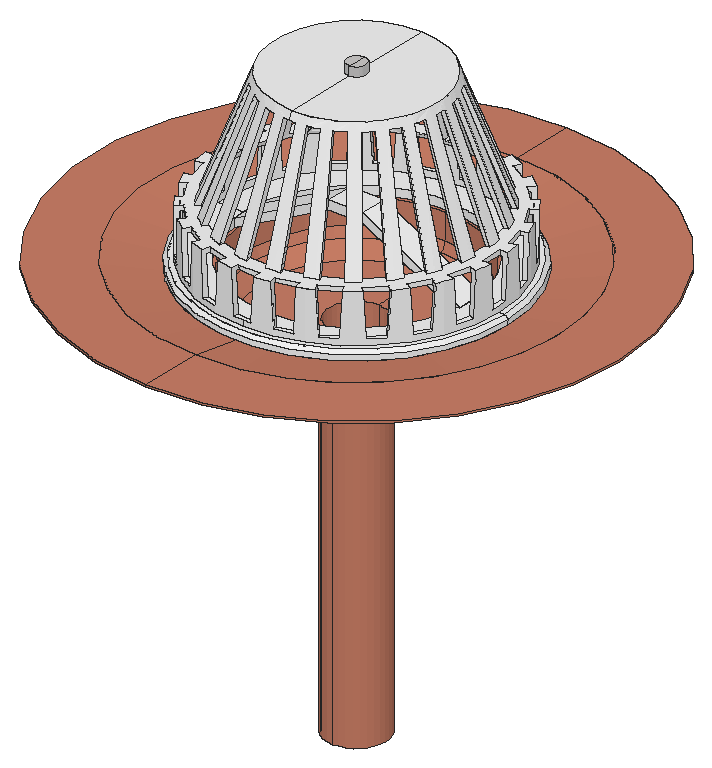
Revit family "Plumbing_Drainage_Menzies-Metal_Clamp-Tite_Copper-Drain_Small-Bowl", category Plumbing Fixtures, host Face, Revit 2015
Parameters (values of type "2"")
  Weight = 4.05 lbf
  URL = "https://www.menzies-metal.com/"
  Product data url = "https://bimobject.com/menzies-metal/product/clamptite-copper-smallbowl"
  Product Material = Metal - Menzies Metal Products - Copper
  Product Guid = "76b443be-9627-40ef-aff5-f8327594387a"
  Pipe Length Note = "Longer pipes available.  Pipes can be field cut to the desired length."  # constant formula
  Pipe Length = 0' - 10 7/8"
  Pipe Diameter = 1 3/4"
  Model = "300-3150"
  Manufacturer = "Menzies Metal Products"  # constant formula
  Edition number = 1
  Drain Flow = 0 GPM
  Description = "Clamp-Tite Spun Copper Drain Small Bowl"  # constant formula
  Default Elevation = 4' - 0"
  Assembly Code = "D2040200"
Types (3): name | Weight | Pipe Diameter | Model
  2" | 4.05 lbf | 1 3/4" | "300-3150"
  3" | 4.95 lbf | 2 3/4" | "300-3155"
  4" | 5.50 lbf | 3 3/4" | "300-3160"
Reference planes (in)
  plane 1 "Center (Front/Back)": y = 0
  plane 2: z = 0
  plane 3 "Center (Left/Right)": x = 0
  plane 4: z = -12.545
  plane 5: y = 0.875
  plane 6: y = -0.875
  plane 7: y = 0.40591
  plane 8: y = -0.40591
  plane 9: z = -1.67
  plane 10: z = 0.05867
Forms (in)
  Revolve 1, solid, material "Metal - Menzies Metal Products - Aluminum", detail levels coarse
    sketch origin (0, 0, 0) x (0, 1, 0) y (0, 0, 1)
      loop
        line (2.40013, 4.98) -> (0, 4.98) -> (0, 0.05387) -> (4.23823, 0.05387) -> (4.23823, 1.48) -> (3.74365, 1.48) -> (2.40013, 4.98)
      axis (0, 4.98) -> (0, 0.05387)
    angle from 0 to 360
  Revolve 2, solid, material "Metal - Menzies Metal Products - Copper" <- "Product Material", detail levels coarse
    sketch origin (0, 0, 0) x (0, 1, 0) y (0, 0, 1)
      loop
        line (7.812, 0.05) -> (0, 0.05) -> (0, -12.545) -> (0.875, -12.545) -> (0.875, -1.67) -> (2.81, -1.67) -> (3.34368, -1.13632) -> (3.34368, -0.25) -> (4.5, -0.25) -> (6, 0) -> (7.812, 0) -> (7.812, 0.05)
      axis (0, 0.05) -> (0, -12.545)
    angle from 0 to 360
  Revolve 3, solid, material "Metal - Menzies Metal Products - Stainless Steel", detail levels medium+fine
    sketch origin (0, 0, 0) x (0, 1, 0) y (0, 0, 1)
      loop
        line (0.27255, 5.23) -> (0, 5.23) -> (0, 0.98) -> (0.11813, 0.98) -> (0.11813, 4.98) -> (0.27255, 4.98) -> (0.27255, 5.23)
      axis (0, 5.23) -> (0, 0.98)
    angle from 0 to 360
  Revolve 4, solid, material "Metal - Menzies Metal Products - Aluminum", detail levels medium+fine
    sketch origin (0, 0, 0) x (0, 1, 0) y (0, 0, 1)
      loop
        line (2.40013, 4.98) -> (0, 4.98) -> (0, 4.855) -> (2.31422, 4.855) -> (3.65774, 1.355) -> (4.11323, 1.355) -> (4.11323, 0.05387) -> (4.23823, 0.05387) -> (4.23823, 1.48) -> (3.74365, 1.48) -> (2.40013, 4.98)
      axis (0, 4.98) -> (0, 0.05387)
    angle from 0 to 360
  Extrusion 5, void
    sketch origin (0, 0, 0) x (-1, 0, 0) y (0, 0, 1)
      loop
        line (0.17396, 4.76) -> (-0.17396, 4.76) -> (-0.2885, 1.48) -> (0.2885, 1.48) -> (0.17396, 4.76)
    from -4.68215 to -1.5
  Extrusion 6, void
    sketch origin (0, 0, 0) x (1, 0, 0) y (0, 0, 1)
      loop
        line (-0.25077, 0.23171) -> (0.25077, 0.23171) -> (0.31619, 1.48) -> (-0.31619, 1.48) -> (-0.25077, 0.23171)
    from 4.0004 to 4.40138
  Extrusion 7, void
    sketch origin (0, 0, 0) x (-0.965926, -0.258819, 0) y (0, 0, 1)
      loop
        line (0.17396, 4.76) -> (-0.17396, 4.76) -> (-0.2885, 1.48) -> (0.2885, 1.48) -> (0.17396, 4.76)
    from -4.68215 to -1.5
  Extrusion 8, void
    sketch origin (0, 0, 0) x (0.965926, 0.258819, 0) y (0, 0, 1)
      loop
        line (-0.25077, 0.23171) -> (0.25077, 0.23171) -> (0.31619, 1.48) -> (-0.31619, 1.48) -> (-0.25077, 0.23171)
    from 4.0004 to 4.40138
  Extrusion 9, void
    sketch origin (0, 0, 0) x (-0.866025, -0.5, 0) y (0, 0, 1)
      loop
        line (0.17396, 4.76) -> (-0.17396, 4.76) -> (-0.2885, 1.48) -> (0.2885, 1.48) -> (0.17396, 4.76)
    from -4.68215 to -1.5
  Extrusion 10, void
    sketch origin (0, 0, 0) x (0.866025, 0.5, 0) y (0, 0, 1)
      loop
        line (-0.25077, 0.23171) -> (0.25077, 0.23171) -> (0.31619, 1.48) -> (-0.31619, 1.48) -> (-0.25077, 0.23171)
    from 4.0004 to 4.40138
  Extrusion 11, void
    sketch origin (0, 0, 0) x (-0.707107, -0.707107, 0) y (0, 0, 1)
      loop
        line (0.17396, 4.76) -> (-0.17396, 4.76) -> (-0.2885, 1.48) -> (0.2885, 1.48) -> (0.17396, 4.76)
    from -4.68215 to -1.5
  Extrusion 12, void
    sketch origin (0, 0, 0) x (0.707107, 0.707107, 0) y (0, 0, 1)
      loop
        line (-0.25077, 0.23171) -> (0.25077, 0.23171) -> (0.31619, 1.48) -> (-0.31619, 1.48) -> (-0.25077, 0.23171)
    from 4.0004 to 4.40138
  Extrusion 13, void
    sketch origin (0, 0, 0) x (-0.5, -0.866025, 0) y (0, 0, 1)
      loop
        line (0.17396, 4.76) -> (-0.17396, 4.76) -> (-0.2885, 1.48) -> (0.2885, 1.48) -> (0.17396, 4.76)
    from -4.68215 to -1.5
  Extrusion 14, void
    sketch origin (0, 0, 0) x (0.5, 0.866025, 0) y (0, 0, 1)
      loop
        line (-0.25077, 0.23171) -> (0.25077, 0.23171) -> (0.31619, 1.48) -> (-0.31619, 1.48) -> (-0.25077, 0.23171)
    from 4.0004 to 4.40138
  Extrusion 15, void
    sketch origin (0, 0, 0) x (-0.258819, -0.965926, 0) y (0, 0, 1)
      loop
        line (0.17396, 4.76) -> (-0.17396, 4.76) -> (-0.2885, 1.48) -> (0.2885, 1.48) -> (0.17396, 4.76)
    from -4.68215 to -1.5
  Extrusion 16, void
    sketch origin (0, 0, 0) x (0.258819, 0.965926, 0) y (0, 0, 1)
      loop
        line (-0.25077, 0.23171) -> (0.25077, 0.23171) -> (0.31619, 1.48) -> (-0.31619, 1.48) -> (-0.25077, 0.23171)
    from 4.0004 to 4.40138
  Extrusion 17, void
    sketch origin (0, 0, 0) x (0, -1, 0) y (0, 0, 1)
      loop
        line (0.17396, 4.76) -> (-0.17396, 4.76) -> (-0.2885, 1.48) -> (0.2885, 1.48) -> (0.17396, 4.76)
    from -4.68215 to -1.5
  Extrusion 18, void
    sketch origin (0, 0, 0) x (0, 1, 0) y (0, 0, 1)
      loop
        line (-0.25077, 0.23171) -> (0.25077, 0.23171) -> (0.31619, 1.48) -> (-0.31619, 1.48) -> (-0.25077, 0.23171)
    from 4.0004 to 4.40138
  Extrusion 19, void
    sketch origin (0, 0, 0) x (0.258819, -0.965926, 0) y (0, 0, 1)
      loop
        line (0.17396, 4.76) -> (-0.17396, 4.76) -> (-0.2885, 1.48) -> (0.2885, 1.48) -> (0.17396, 4.76)
    from -4.68215 to -1.5
  Extrusion 20, void
    sketch origin (0, 0, 0) x (-0.258819, 0.965926, 0) y (0, 0, 1)
      loop
        line (-0.25077, 0.23171) -> (0.25077, 0.23171) -> (0.31619, 1.48) -> (-0.31619, 1.48) -> (-0.25077, 0.23171)
    from 4.0004 to 4.40138
  Extrusion 21, void
    sketch origin (0, 0, 0) x (0.5, -0.866025, 0) y (0, 0, 1)
      loop
        line (0.17396, 4.76) -> (-0.17396, 4.76) -> (-0.2885, 1.48) -> (0.2885, 1.48) -> (0.17396, 4.76)
    from -4.68215 to -1.5
  Extrusion 22, void
    sketch origin (0, 0, 0) x (-0.5, 0.866025, 0) y (0, 0, 1)
      loop
        line (-0.25077, 0.23171) -> (0.25077, 0.23171) -> (0.31619, 1.48) -> (-0.31619, 1.48) -> (-0.25077, 0.23171)
    from 4.0004 to 4.40138
  Extrusion 23, void
    sketch origin (0, 0, 0) x (0.707107, -0.707107, 0) y (0, 0, 1)
      loop
        line (0.17396, 4.76) -> (-0.17396, 4.76) -> (-0.2885, 1.48) -> (0.2885, 1.48) -> (0.17396, 4.76)
    from -4.68215 to -1.5
  Extrusion 24, void
    sketch origin (0, 0, 0) x (-0.707107, 0.707107, 0) y (0, 0, 1)
      loop
        line (-0.25077, 0.23171) -> (0.25077, 0.23171) -> (0.31619, 1.48) -> (-0.31619, 1.48) -> (-0.25077, 0.23171)
    from 4.0004 to 4.40138
  Extrusion 25, void
    sketch origin (0, 0, 0) x (0.866025, -0.5, 0) y (0, 0, 1)
      loop
        line (0.17396, 4.76) -> (-0.17396, 4.76) -> (-0.2885, 1.48) -> (0.2885, 1.48) -> (0.17396, 4.76)
    from -4.68215 to -1.5
  Extrusion 26, void
    sketch origin (0, 0, 0) x (-0.866025, 0.5, 0) y (0, 0, 1)
      loop
        line (-0.25077, 0.23171) -> (0.25077, 0.23171) -> (0.31619, 1.48) -> (-0.31619, 1.48) -> (-0.25077, 0.23171)
    from 4.0004 to 4.40138
  Extrusion 27, void
    sketch origin (0, 0, 0) x (0.965926, -0.258819, 0) y (0, 0, 1)
      loop
        line (0.17396, 4.76) -> (-0.17396, 4.76) -> (-0.2885, 1.48) -> (0.2885, 1.48) -> (0.17396, 4.76)
    from -4.68215 to -1.5
  Extrusion 28, void
    sketch origin (0, 0, 0) x (-0.965926, 0.258819, 0) y (0, 0, 1)
      loop
        line (-0.25077, 0.23171) -> (0.25077, 0.23171) -> (0.31619, 1.48) -> (-0.31619, 1.48) -> (-0.25077, 0.23171)
    from 4.0004 to 4.40138
  Extrusion 29, void
    sketch origin (0, 0, 0) x (1, 0, 0) y (0, 0, 1)
      loop
        line (0.17396, 4.76) -> (-0.17396, 4.76) -> (-0.2885, 1.48) -> (0.2885, 1.48) -> (0.17396, 4.76)
    from -4.68215 to -1.5
  Extrusion 30, void
    sketch origin (0, 0, 0) x (-1, 0, 0) y (0, 0, 1)
      loop
        line (-0.25077, 0.23171) -> (0.25077, 0.23171) -> (0.31619, 1.48) -> (-0.31619, 1.48) -> (-0.25077, 0.23171)
    from 4.0004 to 4.40138
  Extrusion 31, void
    sketch origin (0, 0, 0) x (0.965926, 0.258819, 0) y (0, 0, 1)
      loop
        line (0.17396, 4.76) -> (-0.17396, 4.76) -> (-0.2885, 1.48) -> (0.2885, 1.48) -> (0.17396, 4.76)
    from -4.68215 to -1.5
  Extrusion 32, void
    sketch origin (0, 0, 0) x (-0.965926, -0.258819, 0) y (0, 0, 1)
      loop
        line (-0.25077, 0.23171) -> (0.25077, 0.23171) -> (0.31619, 1.48) -> (-0.31619, 1.48) -> (-0.25077, 0.23171)
    from 4.0004 to 4.40138
  Extrusion 33, void
    sketch origin (0, 0, 0) x (0.866025, 0.5, 0) y (0, 0, 1)
      loop
        line (0.17396, 4.76) -> (-0.17396, 4.76) -> (-0.2885, 1.48) -> (0.2885, 1.48) -> (0.17396, 4.76)
    from -4.68215 to -1.5
  Extrusion 34, void
    sketch origin (0, 0, 0) x (-0.866025, -0.5, 0) y (0, 0, 1)
      loop
        line (-0.25077, 0.23171) -> (0.25077, 0.23171) -> (0.31619, 1.48) -> (-0.31619, 1.48) -> (-0.25077, 0.23171)
    from 4.0004 to 4.40138
  Extrusion 35, void
    sketch origin (0, 0, 0) x (0.707107, 0.707107, 0) y (0, 0, 1)
      loop
        line (0.17396, 4.76) -> (-0.17396, 4.76) -> (-0.2885, 1.48) -> (0.2885, 1.48) -> (0.17396, 4.76)
    from -4.68215 to -1.5
  Extrusion 36, void
    sketch origin (0, 0, 0) x (-0.707107, -0.707107, 0) y (0, 0, 1)
      loop
        line (-0.25077, 0.23171) -> (0.25077, 0.23171) -> (0.31619, 1.48) -> (-0.31619, 1.48) -> (-0.25077, 0.23171)
    from 4.0004 to 4.40138
  Extrusion 37, void
    sketch origin (0, 0, 0) x (0.5, 0.866025, 0) y (0, 0, 1)
      loop
        line (0.17396, 4.76) -> (-0.17396, 4.76) -> (-0.2885, 1.48) -> (0.2885, 1.48) -> (0.17396, 4.76)
    from -4.68215 to -1.5
  Extrusion 38, void
    sketch origin (0, 0, 0) x (-0.5, -0.866025, 0) y (0, 0, 1)
      loop
        line (-0.25077, 0.23171) -> (0.25077, 0.23171) -> (0.31619, 1.48) -> (-0.31619, 1.48) -> (-0.25077, 0.23171)
    from 4.0004 to 4.40138
  Extrusion 39, void
    sketch origin (0, 0, 0) x (0.258819, 0.965926, 0) y (0, 0, 1)
      loop
        line (0.17396, 4.76) -> (-0.17396, 4.76) -> (-0.2885, 1.48) -> (0.2885, 1.48) -> (0.17396, 4.76)
    from -4.68215 to -1.5
  Extrusion 40, void
    sketch origin (0, 0, 0) x (-0.258819, -0.965926, 0) y (0, 0, 1)
      loop
        line (-0.25077, 0.23171) -> (0.25077, 0.23171) -> (0.31619, 1.48) -> (-0.31619, 1.48) -> (-0.25077, 0.23171)
    from 4.0004 to 4.40138
  Extrusion 41, void
    sketch origin (0, 0, 0) x (0, 1, 0) y (0, 0, 1)
      loop
        line (0.17396, 4.76) -> (-0.17396, 4.76) -> (-0.2885, 1.48) -> (0.2885, 1.48) -> (0.17396, 4.76)
    from -4.68215 to -1.5
  Extrusion 42, void
    sketch origin (0, 0, 0) x (0, -1, 0) y (0, 0, 1)
      loop
        line (-0.25077, 0.23171) -> (0.25077, 0.23171) -> (0.31619, 1.48) -> (-0.31619, 1.48) -> (-0.25077, 0.23171)
    from 4.0004 to 4.40138
  Extrusion 43, void
    sketch origin (0, 0, 0) x (-0.258819, 0.965926, 0) y (0, 0, 1)
      loop
        line (0.17396, 4.76) -> (-0.17396, 4.76) -> (-0.2885, 1.48) -> (0.2885, 1.48) -> (0.17396, 4.76)
    from -4.68215 to -1.5
  Extrusion 44, void
    sketch origin (0, 0, 0) x (0.258819, -0.965926, 0) y (0, 0, 1)
      loop
        line (-0.25077, 0.23171) -> (0.25077, 0.23171) -> (0.31619, 1.48) -> (-0.31619, 1.48) -> (-0.25077, 0.23171)
    from 4.0004 to 4.40138
  Extrusion 45, void
    sketch origin (0, 0, 0) x (-0.5, 0.866025, 0) y (0, 0, 1)
      loop
        line (0.17396, 4.76) -> (-0.17396, 4.76) -> (-0.2885, 1.48) -> (0.2885, 1.48) -> (0.17396, 4.76)
    from -4.68215 to -1.5
  Extrusion 46, void
    sketch origin (0, 0, 0) x (0.5, -0.866025, 0) y (0, 0, 1)
      loop
        line (-0.25077, 0.23171) -> (0.25077, 0.23171) -> (0.31619, 1.48) -> (-0.31619, 1.48) -> (-0.25077, 0.23171)
    from 4.0004 to 4.40138
  Extrusion 47, void
    sketch origin (0, 0, 0) x (-0.707107, 0.707107, 0) y (0, 0, 1)
      loop
        line (0.17396, 4.76) -> (-0.17396, 4.76) -> (-0.2885, 1.48) -> (0.2885, 1.48) -> (0.17396, 4.76)
    from -4.68215 to -1.5
  Extrusion 48, void
    sketch origin (0, 0, 0) x (0.707107, -0.707107, 0) y (0, 0, 1)
      loop
        line (-0.25077, 0.23171) -> (0.25077, 0.23171) -> (0.31619, 1.48) -> (-0.31619, 1.48) -> (-0.25077, 0.23171)
    from 4.0004 to 4.40138
  Extrusion 49, void
    sketch origin (0, 0, 0) x (-0.866025, 0.5, 0) y (0, 0, 1)
      loop
        line (0.17396, 4.76) -> (-0.17396, 4.76) -> (-0.2885, 1.48) -> (0.2885, 1.48) -> (0.17396, 4.76)
    from -4.68215 to -1.5
  Extrusion 50, void
    sketch origin (0, 0, 0) x (0.866025, -0.5, 0) y (0, 0, 1)
      loop
        line (-0.25077, 0.23171) -> (0.25077, 0.23171) -> (0.31619, 1.48) -> (-0.31619, 1.48) -> (-0.25077, 0.23171)
    from 4.0004 to 4.40138
  Extrusion 51, void
    sketch origin (0, 0, 0) x (-0.965926, 0.258819, 0) y (0, 0, 1)
      loop
        line (0.17396, 4.76) -> (-0.17396, 4.76) -> (-0.2885, 1.48) -> (0.2885, 1.48) -> (0.17396, 4.76)
    from -4.68215 to -1.5
  Extrusion 52, void
    sketch origin (0, 0, 0) x (0.965926, -0.258819, 0) y (0, 0, 1)
      loop
        line (-0.25077, 0.23171) -> (0.25077, 0.23171) -> (0.31619, 1.48) -> (-0.31619, 1.48) -> (-0.25077, 0.23171)
    from 4.0004 to 4.40138
  Extrusion 53, solid, material "Metal - Menzies Metal Products - Aluminum", detail levels medium+fine
    sketch origin (0, 0, 0) x (1, 0, 0) y (0, 0, 1)
      loop
        line (-3.375, 0.05) -> (-3.375, -0.19772) -> (-0.50436, 1.3) -> (0.50436, 1.3) -> (3.375, -0.19772) -> (3.375, 0.05) -> (0.5, 1.55) -> (-0.5, 1.55) -> (-3.375, 0.05)
    from -0.40591 to 0.40591
  Revolve 54, solid, material "Metal - Menzies Metal Products - Aluminum", detail levels medium+fine
    sketch origin (0, 0, 0) x (1, 0, 0) y (0, 0, 1)
      loop
        line (-3.375, -0.19772) -> (-3.375, 0.05) -> (-4.39127, 0.05) -> (-4.4953, -0.05403) -> (-4.50032, -0.19772) -> (-3.375, -0.19772)
      axis (0, 0.05) -> (0, -0.19772)
    angle from 0 to 360
  Revolve 55, solid, material "Metal - Menzies Metal Products - Copper" <- "Product Material", detail levels medium+fine
    sketch origin (0, 0, 0) x (0, 1, 0) y (0, 0, 1)
      loop
        line (0.875, -1.67) -> (2.81, -1.67) -> (3.21315, -1.26685) -> (3.34462, -0.98037) -> (3.34462, -0.25) -> (4.5, -0.25) -> (6, 0) -> (7.812, 0) -> (7.812, 0.05) -> (5.98665, 0.05) -> (4.50032, -0.19772) -> (3.28212, -0.19772) -> (3.28212, -0.96671) -> (3.16103, -1.23058) -> (2.78411, -1.6075) -> (0.82422, -1.6075) -> (0.82422, -12.545) -> (0.875, -12.545) -> (0.875, -1.67)
      axis (0, 0.05) -> (0, -12.545)
    angle from 0 to 360
  Revolve 56, void
    sketch origin (0, 0, 0) x (0, 1, 0) y (0, 0, 1)
      loop
        line (0.875, -12.545) -> (0.875, -1.67) -> (3.34469, -1.67) -> (3.34469, -0.57934) -> (6, 0) -> (0, 0) -> (0, -12.545) -> (0.875, -12.545)
      axis (0, 0) -> (0, -12.545)
    angle from 0 to 360
Cuts and joins
  Extrusion 5, Extrusion 6, Extrusion 7, Extrusion 8, Extrusion 9, Extrusion 10, Extrusion 11, Extrusion 12, Extrusion 13, Extrusion 14, Extrusion 15, Extrusion 16, Extrusion 17, Extrusion 18, Extrusion 19, Extrusion 20, Extrusion 21, Extrusion 22, Extrusion 23, Extrusion 24, Extrusion 25, Extrusion 26, Extrusion 27, Extrusion 28, Extrusion 29, Extrusion 30, Extrusion 31, Extrusion 32, Extrusion 33, Extrusion 34, Extrusion 35, Extrusion 36, Extrusion 37, Extrusion 38, Extrusion 39, Extrusion 40, Extrusion 41, Extrusion 42, Extrusion 43, Extrusion 44, Extrusion 45, Extrusion 46, Extrusion 47, Extrusion 48, Extrusion 49, Extrusion 50, Extrusion 51, Extrusion 52 cuts Revolve 4
Lines and regions (in)
  Masking region 1
    outline origin (0, 0, 0) x (1, 0, 0) y (0, 1, 0)
      loop
        circle (0, 0) r 7.812
  symbolic lines, detail levels medium+fine
    curve 1: arc (4.39127, 0, 0) -> (0, 4.39127, 0) -> (-4.39127, 0, 0) r 4.39127
    curve 2: arc (-4.39127, 0, 0) -> (0, -4.39127, 0) -> (4.39127, 0, 0) r 4.39127
  symbolic lines, style "PlumbingFixturesHiddenLines", detail levels medium+fine
    curve 3: arc (0, -0.875, 0) -> (0.875, 0, 0) -> (0, 0.875, 0) r 0.875
    curve 4: arc (0, 0.875, 0) -> (-0.875, 0, 0) -> (0, -0.875, 0) r 0.875
Dimensions and locks (in)
  Revolve 1 sketch curve to Revolve 1 sketch curve to Revolve 1 sketch curve to Revolve 1 sketch curve = 0' - 0.49457" locked, 0' - 1.34352" locked, 0' - 2.40013" locked
  Revolve 1 sketch curve to Revolve 1 sketch curve to Revolve 1 sketch curve to level = 0' - 3 1/2" locked, 0' - 1.42613" locked, 0' - 0.05387" locked
  equal spacing: plane 5, plane 1 "Center (Front/Back)", plane 6
  "Pipe Diameter": plane 5 to plane 6
  Revolve 3 sketch curve to Revolve 3 sketch curve to Revolve 3 sketch curve to Revolve 3 sketch curve = 0' - 0.15442", 0' - 0.11813" locked, 0' - 0" locked
  Revolve 3 sketch curve to Revolve 3 sketch curve to Revolve 3 sketch curve to plane 2 = 0' - 0 1/4" locked, 0' - 4" locked, 0' - 0.98" locked
  Revolve 4 sketch curve to Revolve 4 sketch curve to Revolve 4 sketch curve to Revolve 4 sketch curve to Revolve 4 sketch curve to Revolve 4 sketch curve to plane 1 "Center (Front/Back)" = 0' - 0 1/8" locked, 0' - 0.36957" locked, 0' - 0.08591" locked, 0' - 1.25761" locked, 0' - 0.08591" locked, 0' - 2.31422" locked
  Revolve 4 sketch curve to Revolve 4 sketch curve to level = 0' - 3 1/2" locked, 0' - 1.355" locked
  Extrusion 5 sketch curve to Extrusion 5 sketch curve to Extrusion 5 sketch curve to Extrusion 5 sketch curve = 0' - 0.11454", 0' - 0.34792" locked, 0' - 0.11454"
  locked: Extrusion 5 sketch curve to Extrusion 5 sketch curve at 3.28
  Extrusion 6 sketch curve to Extrusion 6 sketch curve to Extrusion 6 sketch curve to Extrusion 6 sketch curve = 0' - 0.06542" locked, 0' - 0.50155" locked, 0' - 0.06542" locked
  locked: Extrusion 6 sketch curve to Extrusion 6 sketch curve at 1.24829
  Extrusion 7 sketch curve to Extrusion 7 sketch curve to Extrusion 7 sketch curve to Extrusion 7 sketch curve = 0' - 0.11454", 0' - 0.34792" locked, 0' - 0.11454"
  locked: Extrusion 7 sketch curve to Extrusion 7 sketch curve at 3.28
  Extrusion 8 sketch curve to Extrusion 8 sketch curve to Extrusion 8 sketch curve to Extrusion 8 sketch curve = 0' - 0.06542" locked, 0' - 0.50155" locked, 0' - 0.06542" locked
  locked: Extrusion 8 sketch curve to Extrusion 8 sketch curve at 1.24829
  Extrusion 9 sketch curve to Extrusion 9 sketch curve to Extrusion 9 sketch curve to Extrusion 9 sketch curve = 0' - 0.11454", 0' - 0.34792" locked, 0' - 0.11454"
  locked: Extrusion 9 sketch curve to Extrusion 9 sketch curve at 3.28
  Extrusion 10 sketch curve to Extrusion 10 sketch curve to Extrusion 10 sketch curve to Extrusion 10 sketch curve = 0' - 0.06542" locked, 0' - 0.50155" locked, 0' - 0.06542" locked
  locked: Extrusion 10 sketch curve to Extrusion 10 sketch curve at 1.24829
  Extrusion 11 sketch curve to Extrusion 11 sketch curve to Extrusion 11 sketch curve to Extrusion 11 sketch curve = 0' - 0.11454", 0' - 0.34792" locked, 0' - 0.11454"
  locked: Extrusion 11 sketch curve to Extrusion 11 sketch curve at 3.28
  Extrusion 12 sketch curve to Extrusion 12 sketch curve to Extrusion 12 sketch curve to Extrusion 12 sketch curve = 0' - 0.06542" locked, 0' - 0.50155" locked, 0' - 0.06542" locked
  locked: Extrusion 12 sketch curve to Extrusion 12 sketch curve at 1.24829
  Extrusion 13 sketch curve to Extrusion 13 sketch curve to Extrusion 13 sketch curve to Extrusion 13 sketch curve = 0' - 0.11454", 0' - 0.34792" locked, 0' - 0.11454"
  locked: Extrusion 13 sketch curve to Extrusion 13 sketch curve at 3.28
  Extrusion 14 sketch curve to Extrusion 14 sketch curve to Extrusion 14 sketch curve to Extrusion 14 sketch curve = 0' - 0.06542" locked, 0' - 0.50155" locked, 0' - 0.06542" locked
  locked: Extrusion 14 sketch curve to Extrusion 14 sketch curve at 1.24829
  Extrusion 15 sketch curve to Extrusion 15 sketch curve to Extrusion 15 sketch curve to Extrusion 15 sketch curve = 0' - 0.11454", 0' - 0.34792" locked, 0' - 0.11454"
  locked: Extrusion 15 sketch curve to Extrusion 15 sketch curve at 3.28
  Extrusion 16 sketch curve to Extrusion 16 sketch curve to Extrusion 16 sketch curve to Extrusion 16 sketch curve = 0' - 0.06542" locked, 0' - 0.50155" locked, 0' - 0.06542" locked
  locked: Extrusion 16 sketch curve to Extrusion 16 sketch curve at 1.24829
  Extrusion 17 sketch curve to Extrusion 17 sketch curve to Extrusion 17 sketch curve to Extrusion 17 sketch curve = 0' - 0.11454", 0' - 0.34792" locked, 0' - 0.11454"
  locked: Extrusion 17 sketch curve to Extrusion 17 sketch curve at 3.28
  Extrusion 18 sketch curve to Extrusion 18 sketch curve to Extrusion 18 sketch curve to Extrusion 18 sketch curve = 0' - 0.06542" locked, 0' - 0.50155" locked, 0' - 0.06542" locked
  locked: Extrusion 18 sketch curve to Extrusion 18 sketch curve at 1.24829
  Extrusion 19 sketch curve to Extrusion 19 sketch curve to Extrusion 19 sketch curve to Extrusion 19 sketch curve = 0' - 0.11454", 0' - 0.34792" locked, 0' - 0.11454"
  locked: Extrusion 19 sketch curve to Extrusion 19 sketch curve at 3.28
  Extrusion 20 sketch curve to Extrusion 20 sketch curve to Extrusion 20 sketch curve to Extrusion 20 sketch curve = 0' - 0.06542" locked, 0' - 0.50155" locked, 0' - 0.06542" locked
  locked: Extrusion 20 sketch curve to Extrusion 20 sketch curve at 1.24829
  Extrusion 21 sketch curve to Extrusion 21 sketch curve to Extrusion 21 sketch curve to Extrusion 21 sketch curve = 0' - 0.11454", 0' - 0.34792" locked, 0' - 0.11454"
  locked: Extrusion 21 sketch curve to Extrusion 21 sketch curve at 3.28
  Extrusion 22 sketch curve to Extrusion 22 sketch curve to Extrusion 22 sketch curve to Extrusion 22 sketch curve = 0' - 0.06542" locked, 0' - 0.50155" locked, 0' - 0.06542" locked
  locked: Extrusion 22 sketch curve to Extrusion 22 sketch curve at 1.24829
  Extrusion 23 sketch curve to Extrusion 23 sketch curve to Extrusion 23 sketch curve to Extrusion 23 sketch curve = 0' - 0.11454", 0' - 0.34792" locked, 0' - 0.11454"
  locked: Extrusion 23 sketch curve to Extrusion 23 sketch curve at 3.28
  Extrusion 24 sketch curve to Extrusion 24 sketch curve to Extrusion 24 sketch curve to Extrusion 24 sketch curve = 0' - 0.06542" locked, 0' - 0.50155" locked, 0' - 0.06542" locked
  locked: Extrusion 24 sketch curve to Extrusion 24 sketch curve at 1.24829
  Extrusion 25 sketch curve to Extrusion 25 sketch curve to Extrusion 25 sketch curve to Extrusion 25 sketch curve = 0' - 0.11454", 0' - 0.34792" locked, 0' - 0.11454"
  locked: Extrusion 25 sketch curve to Extrusion 25 sketch curve at 3.28
  Extrusion 26 sketch curve to Extrusion 26 sketch curve to Extrusion 26 sketch curve to Extrusion 26 sketch curve = 0' - 0.06542" locked, 0' - 0.50155" locked, 0' - 0.06542" locked
  locked: Extrusion 26 sketch curve to Extrusion 26 sketch curve at 1.24829
  Extrusion 27 sketch curve to Extrusion 27 sketch curve to Extrusion 27 sketch curve to Extrusion 27 sketch curve = 0' - 0.11454", 0' - 0.34792" locked, 0' - 0.11454"
  locked: Extrusion 27 sketch curve to Extrusion 27 sketch curve at 3.28
  Extrusion 28 sketch curve to Extrusion 28 sketch curve to Extrusion 28 sketch curve to Extrusion 28 sketch curve = 0' - 0.06542" locked, 0' - 0.50155" locked, 0' - 0.06542" locked
  locked: Extrusion 28 sketch curve to Extrusion 28 sketch curve at 1.24829
  Extrusion 29 sketch curve to Extrusion 29 sketch curve to Extrusion 29 sketch curve to Extrusion 29 sketch curve = 0' - 0.11454", 0' - 0.34792" locked, 0' - 0.11454"
  locked: Extrusion 29 sketch curve to Extrusion 29 sketch curve at 3.28
  Extrusion 30 sketch curve to Extrusion 30 sketch curve to Extrusion 30 sketch curve to Extrusion 30 sketch curve = 0' - 0.06542" locked, 0' - 0.50155" locked, 0' - 0.06542" locked
  locked: Extrusion 30 sketch curve to Extrusion 30 sketch curve at 1.24829
  Extrusion 31 sketch curve to Extrusion 31 sketch curve to Extrusion 31 sketch curve to Extrusion 31 sketch curve = 0' - 0.11454", 0' - 0.34792" locked, 0' - 0.11454"
  locked: Extrusion 31 sketch curve to Extrusion 31 sketch curve at 3.28
  Extrusion 32 sketch curve to Extrusion 32 sketch curve to Extrusion 32 sketch curve to Extrusion 32 sketch curve = 0' - 0.06542" locked, 0' - 0.50155" locked, 0' - 0.06542" locked
  locked: Extrusion 32 sketch curve to Extrusion 32 sketch curve at 1.24829
  Extrusion 33 sketch curve to Extrusion 33 sketch curve to Extrusion 33 sketch curve to Extrusion 33 sketch curve = 0' - 0.11454", 0' - 0.34792" locked, 0' - 0.11454"
  locked: Extrusion 33 sketch curve to Extrusion 33 sketch curve at 3.28
  Extrusion 34 sketch curve to Extrusion 34 sketch curve to Extrusion 34 sketch curve to Extrusion 34 sketch curve = 0' - 0.06542" locked, 0' - 0.50155" locked, 0' - 0.06542" locked
  locked: Extrusion 34 sketch curve to Extrusion 34 sketch curve at 1.24829
  Extrusion 35 sketch curve to Extrusion 35 sketch curve to Extrusion 35 sketch curve to Extrusion 35 sketch curve = 0' - 0.11454", 0' - 0.34792" locked, 0' - 0.11454"
  locked: Extrusion 35 sketch curve to Extrusion 35 sketch curve at 3.28
  Extrusion 36 sketch curve to Extrusion 36 sketch curve to Extrusion 36 sketch curve to Extrusion 36 sketch curve = 0' - 0.06542" locked, 0' - 0.50155" locked, 0' - 0.06542" locked
  locked: Extrusion 36 sketch curve to Extrusion 36 sketch curve at 1.24829
  Extrusion 37 sketch curve to Extrusion 37 sketch curve to Extrusion 37 sketch curve to Extrusion 37 sketch curve = 0' - 0.11454", 0' - 0.34792" locked, 0' - 0.11454"
  locked: Extrusion 37 sketch curve to Extrusion 37 sketch curve at 3.28
  Extrusion 38 sketch curve to Extrusion 38 sketch curve to Extrusion 38 sketch curve to Extrusion 38 sketch curve = 0' - 0.06542" locked, 0' - 0.50155" locked, 0' - 0.06542" locked
  locked: Extrusion 38 sketch curve to Extrusion 38 sketch curve at 1.24829
  Extrusion 39 sketch curve to Extrusion 39 sketch curve to Extrusion 39 sketch curve to Extrusion 39 sketch curve = 0' - 0.11454", 0' - 0.34792" locked, 0' - 0.11454"
  locked: Extrusion 39 sketch curve to Extrusion 39 sketch curve at 3.28
  Extrusion 40 sketch curve to Extrusion 40 sketch curve to Extrusion 40 sketch curve to Extrusion 40 sketch curve = 0' - 0.06542" locked, 0' - 0.50155" locked, 0' - 0.06542" locked
  locked: Extrusion 40 sketch curve to Extrusion 40 sketch curve at 1.24829
  Extrusion 41 sketch curve to Extrusion 41 sketch curve to Extrusion 41 sketch curve to Extrusion 41 sketch curve = 0' - 0.11454", 0' - 0.34792" locked, 0' - 0.11454"
  locked: Extrusion 41 sketch curve to Extrusion 41 sketch curve at 3.28
  Extrusion 42 sketch curve to Extrusion 42 sketch curve to Extrusion 42 sketch curve to Extrusion 42 sketch curve = 0' - 0.06542" locked, 0' - 0.50155" locked, 0' - 0.06542" locked
  locked: Extrusion 42 sketch curve to Extrusion 42 sketch curve at 1.24829
  Extrusion 43 sketch curve to Extrusion 43 sketch curve to Extrusion 43 sketch curve to Extrusion 43 sketch curve = 0' - 0.11454", 0' - 0.34792" locked, 0' - 0.11454"
  locked: Extrusion 43 sketch curve to Extrusion 43 sketch curve at 3.28
  Extrusion 44 sketch curve to Extrusion 44 sketch curve to Extrusion 44 sketch curve to Extrusion 44 sketch curve = 0' - 0.06542" locked, 0' - 0.50155" locked, 0' - 0.06542" locked
  locked: Extrusion 44 sketch curve to Extrusion 44 sketch curve at 1.24829
  Extrusion 45 sketch curve to Extrusion 45 sketch curve to Extrusion 45 sketch curve to Extrusion 45 sketch curve = 0' - 0.11454", 0' - 0.34792" locked, 0' - 0.11454"
  locked: Extrusion 45 sketch curve to Extrusion 45 sketch curve at 3.28
  Extrusion 46 sketch curve to Extrusion 46 sketch curve to Extrusion 46 sketch curve to Extrusion 46 sketch curve = 0' - 0.06542" locked, 0' - 0.50155" locked, 0' - 0.06542" locked
  locked: Extrusion 46 sketch curve to Extrusion 46 sketch curve at 1.24829
  Extrusion 47 sketch curve to Extrusion 47 sketch curve to Extrusion 47 sketch curve to Extrusion 47 sketch curve = 0' - 0.11454", 0' - 0.34792" locked, 0' - 0.11454"
  locked: Extrusion 47 sketch curve to Extrusion 47 sketch curve at 3.28
  Extrusion 48 sketch curve to Extrusion 48 sketch curve to Extrusion 48 sketch curve to Extrusion 48 sketch curve = 0' - 0.06542" locked, 0' - 0.50155" locked, 0' - 0.06542" locked
  locked: Extrusion 48 sketch curve to Extrusion 48 sketch curve at 1.24829
  Extrusion 49 sketch curve to Extrusion 49 sketch curve to Extrusion 49 sketch curve to Extrusion 49 sketch curve = 0' - 0.11454", 0' - 0.34792" locked, 0' - 0.11454"
  locked: Extrusion 49 sketch curve to Extrusion 49 sketch curve at 3.28
  Extrusion 50 sketch curve to Extrusion 50 sketch curve to Extrusion 50 sketch curve to Extrusion 50 sketch curve = 0' - 0.06542" locked, 0' - 0.50155" locked, 0' - 0.06542" locked
  locked: Extrusion 50 sketch curve to Extrusion 50 sketch curve at 1.24829
  Extrusion 51 sketch curve to Extrusion 51 sketch curve to Extrusion 51 sketch curve to Extrusion 51 sketch curve = 0' - 0.11454", 0' - 0.34792" locked, 0' - 0.11454"
  locked: Extrusion 51 sketch curve to Extrusion 51 sketch curve at 3.28
  Extrusion 52 sketch curve to Extrusion 52 sketch curve to Extrusion 52 sketch curve to Extrusion 52 sketch curve = 0' - 0.06542" locked, 0' - 0.50155" locked, 0' - 0.06542" locked
  locked: Extrusion 52 sketch curve to Extrusion 52 sketch curve at 1.24829
  Extrusion 53 sketch curve to Extrusion 53 sketch curve to Extrusion 53 sketch curve to plane 3 "Center (Left/Right)" to Extrusion 53 sketch curve to Extrusion 53 sketch curve to Extrusion 53 sketch curve = 0' - 2.87064" locked, 0' - 0.00436" locked, 0' - 0 1/2" locked, 0' - 0 1/2" locked, 0' - 0.00436" locked, 0' - 2.87064" locked
  Extrusion 53 sketch curve to Extrusion 53 sketch curve to Extrusion 53 sketch curve to Extrusion 53 sketch curve to level to Extrusion 53 sketch curve to Extrusion 53 sketch curve = 0' - 0 1/4" locked, 0' - 1 1/4" locked, 0' - 0" locked, 0' - 0.05" locked, 0' - 0.19772" locked, 0' - 0" locked
  equal spacing: plane 8, plane 1 "Center (Front/Back)", plane 7
  locked: plane 7 to plane 8 at 0.81181
  Revolve 54 sketch curve to level to Revolve 54 sketch curve to Revolve 54 sketch curve = 0' - 0.05" locked, 0' - 0.05403" locked, 0' - 0.1437" locked
  plane 3 "Center (Left/Right)" to Extrusion 53 to Revolve 54 sketch curve to Revolve 54 sketch curve to Revolve 54 sketch curve = 0' - 3 3/8" locked, 0' - 1.01627" locked, 0' - 0.10403" locked, 0' - 0.00502" locked
  locked: plane 5 to Revolve 55 sketch curve at 0.05078
  locked: Revolve 56 sketch curve to Revolve 56 sketch curve at 6
  "Pipe Length": plane 9 to plane 4
  locked: host face to plane 9 at 1.67
  Revolve 55 sketch curve to level to Revolve 55 sketch curve to Revolve 55 sketch curve to Revolve 55 sketch curve to Revolve 55 sketch curve to Revolve 55 sketch curve to Revolve 55 sketch curve to Revolve 55 sketch curve to Revolve 55 sketch curve to Revolve 55 sketch curve = 0' - 0.05" locked, 0' - 0" locked, 0' - 0.19772" locked, 0' - 0.05228" locked, 0' - 0.71671" locked, 0' - 0.01366" locked, 0' - 0.25022" locked, 0' - 0.03626" locked, 0' - 0.34065" locked, 0' - 0 1/16" locked
  Revolve 55 sketch curve to Revolve 55 sketch curve to Revolve 55 sketch curve to Revolve 55 sketch curve to Revolve 55 sketch curve to Revolve 55 sketch curve to Revolve 55 sketch curve to Revolve 55 sketch curve to Revolve 55 sketch curve to Revolve 55 sketch curve to Revolve 55 sketch curve to plane 1 "Center (Front/Back)" = 0' - 1.812" locked, 0' - 0.01335" locked, 0' - 1.48634" locked, 0' - 0.00032" locked, 0' - 1.15538" locked, 0' - 0 1/16" locked, 0' - 0.06897" locked, 0' - 0.05213" locked, 0' - 0.35103" locked, 0' - 0.02589" locked, 0' - 2.78411" locked
  Revolve 2 sketch curve to Revolve 2 sketch curve to Revolve 2 sketch curve to Revolve 2 sketch curve to Revolve 2 sketch curve to plane 1 "Center (Front/Back)" = 0' - 1.812" locked, 0' - 1 1/2" locked, 0' - 1.15632" locked, 0' - 0.53368" locked, 0' - 2.81" locked
  Revolve 2 sketch curve to plane 2 to Revolve 2 sketch curve to Revolve 2 sketch curve to Revolve 2 sketch curve to Revolve 2 sketch curve = 0' - 0.05" locked, 0' - 0" locked, 0' - 0 1/4" locked, 0' - 0.88632" locked, 0' - 0.53368" locked
  Revolve 56 sketch curve to Revolve 56 sketch curve to plane 1 "Center (Front/Back)" = 0' - 2.65531" locked, 0' - 3.34469" locked
  plane 2 to Revolve 56 sketch curve to Revolve 56 sketch curve = 0' - 0.57934" locked, 0' - 1.09066" locked
  aligned and locked: plane 2 to host face
  aligned and locked: level to host face
  aligned and locked: Revolve 2 sketch curve to plane 4
  aligned and locked: Revolve 2 sketch curve to plane 5
  aligned and locked: Revolve 3 sketch curve to plane 1 "Center (Front/Back)"
  aligned and locked: Revolve 4 sketch curve to plane 1 "Center (Front/Back)"
  aligned and locked: Revolve 4 sketch curve to Revolve 1  (x3)
  aligned and locked: plane 1 "Center (Front/Back)" to Revolve 4 sketch curve
  aligned and locked: plane 7 to Extrusion 53
  aligned and locked: Extrusion 53 to plane 8
  aligned and locked: Revolve 54 sketch curve to plane 3 "Center (Left/Right)"
  aligned and locked: Revolve 55 sketch curve to plane 1 "Center (Front/Back)"
  aligned and locked: plane 5 to Revolve 55 sketch curve
  aligned and locked: Revolve 55 sketch curve to plane 4
  aligned and locked: Revolve 56 sketch curve to plane 2
  aligned and locked: Revolve 56 sketch curve to plane 4
  aligned and locked: Revolve 56 sketch curve to plane 5
  aligned and locked: Masking region 1 sketch curve to Revolve 55  (x2)
  aligned and locked: curve 1 to Revolve 54
  aligned and locked: curve 2 to Revolve 54
  aligned and locked: curve 3 to Revolve 55
  aligned and locked: curve 4 to Revolve 55
Automatic sketch dimensions
  host sketch curve to host sketch curve = 8' - 0"  (x2)
  Revolve 1 sketch curve to plane 1 "Center (Front/Back)" = 0' - 0"  (x2)
  Revolve 1 sketch curve to plane 4 = 0' - 7.17947"
  Revolve 1 sketch curve to Revolve 1 sketch curve = 7' - 3.29586"
  Revolve 3 sketch curve to plane 4 = 1' - 8 1/4"
  Revolve 3 sketch curve to Revolve 3 sketch curve = 7' - 3.04586"
  Revolve 4 sketch curve to plane 4 = 1' - 8 1/4"
  Revolve 4 sketch curve to Revolve 4 sketch curve = 7' - 3.29586"
  Revolve 54 sketch curve to Revolve 54 sketch curve = 0' - 1.01627"
  Revolve 54 sketch curve to plane 4 = 1' - 8 1/4"
  level to Revolve 54 sketch curve = 8' - 6.71882"
  level to Extrusion 31 sketch curve = 0' - 1.48"
  level to Extrusion 32 sketch curve = 0' - 1.48"
  level to Extrusion 21 sketch curve = 0' - 1.48"
  level to Extrusion 22 sketch curve = 0' - 1.48"
  Revolve 55 sketch curve to plane 4 = 1' - 8 1/4"
  plane 10 to Revolve 55 sketch curve = 7' - 8.21719"
  Revolve 2 sketch curve to plane 1 "Center (Front/Back)" = 0' - 0"  (x2)
  Revolve 2 sketch curve to plane 4 = 0' - 7.17947"
  plane 10 to Revolve 2 sketch curve = 7' - 8.21719"
  Revolve 56 sketch curve to plane 1 "Center (Front/Back)" = 0' - 0"
  Revolve 56 sketch curve to plane 4 = 1' - 8 1/4"
  plane 10 to Revolve 56 sketch curve = 7' - 8.21719"
Connectors (in)
  piping at (0, 0, -12.545), diameter 1.75, driven by "Drain Flow", driven by "Pipe Diameter"
    settings: on Revolve 55, index 1, connector inside diameter 24", connector length 0' - 0", flow factor 0, pipe flow 0 GPM, pressure drop 0.00 psi, fitting loss kfactor 0, connector angle 0.00°, fixture units 0, engagement length 0' - 0", angle of deflection 0.00°, flow configuration 0, flow direction 2, fitting loss method 0, system type 22, joint type 0, gender type 0, connector reference index -1, connector utility 0, adjustable connector no, is connector primary yes, connector description "Connector for Roof Drain"
